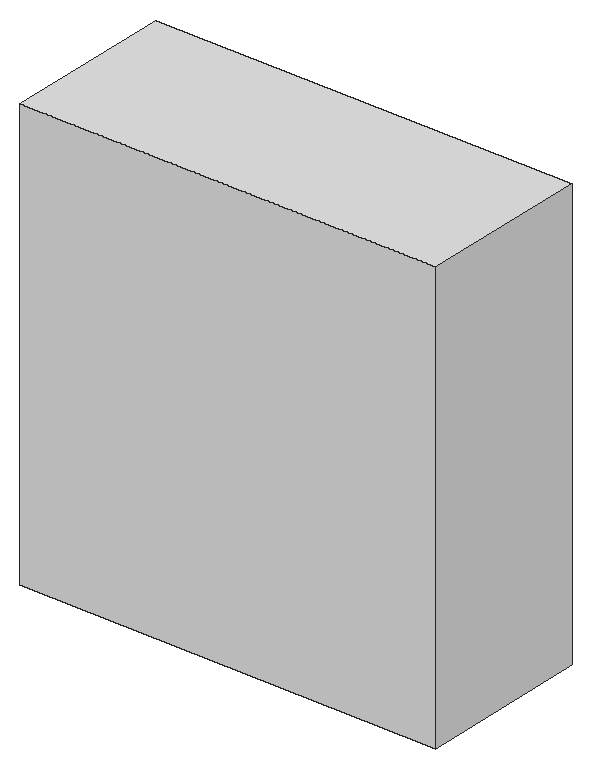
Revit family "OD_CW_Countertop", category Casework, Revit 2015
Parameters
  OD_CW_Width [instance] = 2' - 9"
  OD_CW_Off Floor [instance] = 3' - 2"
  OD_CW_Material_Countertop [instance] = none
  OD_CW_Length [instance] = 6' - 9"
  OD_CW_Height [instance] = 7' - 0"
  Depth = 2' - 0"
  Height = 3' - 0"
  Width = 4' - 0"
Reference planes (in)
  plane 1 "Center (Left/Right)": x = 0.7377
  plane 2 "Left": x = -23.2623
  plane 3 "Right": x = 24.7377
  plane 4 "Front": y = -24
  plane 5 "Top": z = 122
  plane 6: x = 81.7377
  plane 7: y = 9
  plane 8: z = 38
Forms (in)
  Extrusion 1, solid, material <- "OD_CW_Material_Countertop"
    sketch origin (24.7377, 0, 0) x (0, -1, 0) y (0, 0, 1)
      loop
        line (24, 122) -> (-9, 122) -> (-9, 38) -> (24, 38) -> (24, 122)
    from -57 to 24
Lines and regions (in)
  symbolic lines, style "InvisibleLines"
    curve 1: line (0.7377, 9, 0) -> (0.7377, -28, 0)
  symbolic lines, style "CaseworkHiddenLines"
    curve 2: line (0.7377, 9, 0) -> (81.7377, 9, 0)
    curve 3: line (0.7377, -24, 0) -> (0.7377, 9, 0)
    curve 4: line (81.7377, -24, 0) -> (0.7377, -24, 0)
    curve 5: line (81.7377, 9, 0) -> (81.7377, -24, 0)
Dimensions and locks (in)
  equal spacing: plane 2 "Left", plane 1 "Center (Left/Right)", plane 3 "Right"
  "OD_CW_Width": plane 4 "Front" to plane 7
  "OD_CW_Length": plane 1 "Center (Left/Right)" to plane 6
  "OD_CW_Height": plane 5 "Top" to plane 8
  "OD_CW_Off Floor": plane 8 to level
  locked: curve 1 to Extrusion 1 at 4
  aligned and locked: plane 5 "Top" to Extrusion 1 sketch curve
  aligned and locked: Extrusion 1 sketch curve to plane 4 "Front"
  aligned and locked: Extrusion 1 sketch curve to plane 7
  aligned and locked: Extrusion 1 to plane 1 "Center (Left/Right)"
  aligned and locked: plane 6 to Extrusion 1
  aligned and locked: plane 8 to Extrusion 1 sketch curve
  aligned and locked: curve 2 to plane 7
  aligned and locked: plane 1 "Center (Left/Right)" to curve 3
  aligned and locked: curve 4 to plane 4 "Front"
  aligned and locked: curve 5 to plane 6
